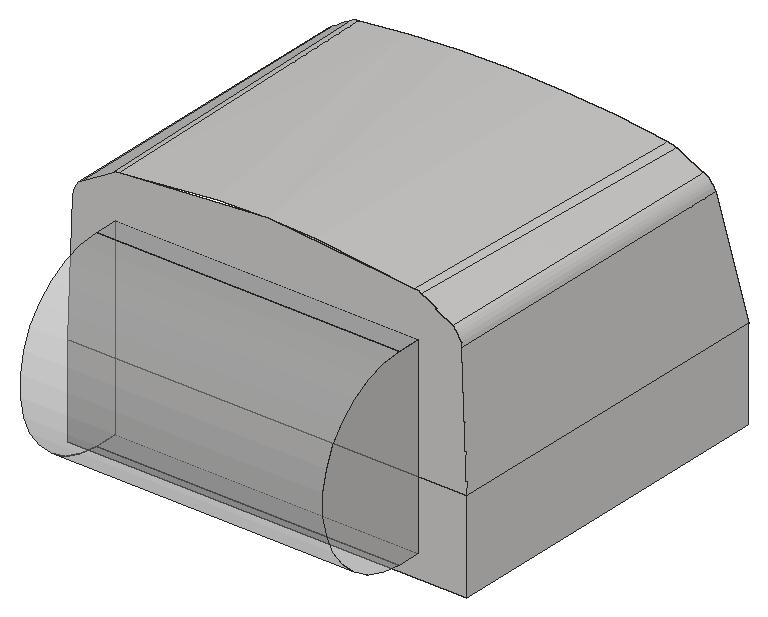
Revit family "NBS_DudleyIndustriesLimited_PprTwlDpnsrs_PlatinumRollerTowelCabinet", category Furniture, host Face, Revit 2018
Family settings
  Host = Face
  Cut with Voids When Loaded = No
  Shared = No
  Room Calculation Point = No
Parameters (values of type "PlatinumRollerTowelCabinet")
  Weight = "7.14 kg"
  WarrantyStartDate [instance] = "1900-12-31T23:59:59"
  WarrantyGuarantorParts = "n/a"
  WarrantyGuarantorLabor = "n/a"
  WarrantyDurationUnit = "year"
  WarrantyDurationParts = "n/a"
  WarrantyDurationLabor = "n/a"
  WarrantyDescription = "n/a"
  Version = "1"  # constant formula
  Uniclass2015Version = "Products v1.18"
  Uniclass2015Title = "Paper towel dispensers"
  Uniclass2015Code = "Pr_40_70_22_62"
  TagNumber [instance] = "n/a"
  SustainabilityPerformance = "n/a"
  Style = "Cabinet"
  Status = "UNSET"
  Size = "275 x 480 x 405 mm"
  Shape = "Rectangular"
  SerialNumber [instance] = "n/a"
  Revision = "n/a"
  ReservoirMaterial = NBS_DudleyIndustriesLimited_ABSPlastic_ClearTinted
  ReplacementCost = "n/a"
  Reference = "n/a"
  ProductInformation = "https://www.dudleyindustries.com/washroom/product/platinum-clearview-roller-towel-cabinet/"
  NominalWidth = 405 mm
  NominalLength = 0 mm
  NominalHeight = 480 mm
  NominalDepth = 275 mm
  Name = "PaperTowelDispensers_PlatinumRollerTowelCabinet_DudleyIndustriesLimited"
  NBSReference = "45-35-72/344"
  NBSDescription = "Paper towel dispensers"
  NBSCertification = "www.nationalbimlibrary.com/cert/tsef3lt1"
  ModelReference = "PlatinumRollerTowelCabinet"
  ModelNumber = "41600CB"
  Materials = "Cabinet: Stainless steel, Reservoir: Plastic"
  Material = "Cabinet: Stainless steel, Reservoir: Plastic"
  ManufacturerURL = "www.dudleyindustries.com"
  ManufacturerName = "Dudley Industries Limited"  # constant formula
  Manufacturer = "sales@dudleyindustries.com"
  MainColor = "n/a"
  IsBuiltIn = yes
  InstallationDate [instance] = "1900-12-31T23:59:59"
  IfcExportType = "UNDEFINED"  # constant formula
  IfcExportAs = "IfcFurnitureType"  # constant formula
  Grade = "n/a"
  FinishAndColour = "Brushed with clear lacquer"
  Finish = "Brushed with clear lacquer"
  Features = "Automatically locks on closure, innovative coating helps prevent fingerprint marks, east to wipe clean"
  ExpectedLife = "n/a"
  DurationUnit = "year"
  Description = "Clearview roller towel cabinet"
  Constituents = "n/a"
  Color = "n/a"
  CodePerformance = "n/a"
  Category = "Pr_40_70_22_62:Paper towel dispensers"
  CabinetMaterial = NBS_DudleyIndustriesLimited_StainlessSteel_Brushed
  Default Elevation = 1300 mm
  BarCode [instance] = "n/a"
  BIMObjectName = "NBS_DudleyIndustriesLimited_TowelRails_PlatinumRollerTowelCabinet"
  Author = "NBS"  # constant formula
  AssetType = "Fixed"
  AssetIdentifier [instance] = "n/a"
  AccessibilityPerformance = "n/a"
Reference planes
  plane 1 "Bottom": y = 0
  plane 2 "Back": z = 0
  plane 3 "Center (Left/Right)": x = 0
  plane 4 "Left": x = -202.5
  plane 5 "Right": x = 202.5
  plane 6 "Top": y = 480
  plane 7 "Front": z = 275
  plane 8: y = 122
Forms (mm)
  Blend 1, solid, material "NBS_DudleyIndustriesLimited_StainlessSteel_Brushed" <- "CabinetMaterial", detail levels medium+fine
    base sketch origin (0, 0, 0) x (1, 0, 0) y (0, 0, 1)
      loop
        arc (158.548, 261.775) -> (0, 275) -> (-158.548, 261.775) r 957
        arc (-158.548, 261.775) -> (-162.814, 260.56) -> (-166.706, 258.435) r 20
        line (-166.706, 258.435) -> (-189.281, 242.627)
        arc (-189.281, 242.627) -> (-195.386, 235.788) -> (-197.798, 226.942) r 20
        line (-197.798, 226.942) -> (-202.5, 92.282) -> (202.5, 92.282) -> (197.798, 226.942)
        arc (197.798, 226.942) -> (195.386, 235.788) -> (189.281, 242.627) r 20
        line (189.281, 242.627) -> (166.706, 258.435)
        arc (166.706, 258.435) -> (162.814, 260.56) -> (158.548, 261.775) r 20
    top sketch origin (0, 0, 0) x (1, 0, 0) y (0, 0, 1)
      loop
        line (202.5, 92.282) -> (197.832, 225.95)
        arc (197.832, 225.95) -> (195.036, 235.473) -> (188.006, 242.479) r 20
        line (188.006, 242.479) -> (157.278, 260.605)
        arc (157.278, 260.605) -> (153.886, 262.198) -> (150.257, 263.131) r 20
        arc (150.257, 263.131) -> (0, 275) -> (-150.257, 263.131) r 957
        arc (-150.257, 263.131) -> (-153.886, 262.198) -> (-157.278, 260.605) r 20
        line (-157.278, 260.605) -> (-188.006, 242.479)
        arc (-188.006, 242.479) -> (-195.036, 235.473) -> (-197.832, 225.95) r 20
        line (-197.832, 225.95) -> (-202.5, 92.282) -> (202.5, 92.282)
    from -480 to -122
  Extrusion 2, solid, material "NBS_DudleyIndustriesLimited_StainlessSteel_Brushed" <- "CabinetMaterial", detail levels medium+fine
    sketch origin (0, 0, 0) x (1, 0, 0) y (0, 1, 0)
      loop
        line (-202.5, 480) -> (-202.5, 122) -> (202.5, 122) -> (202.5, 480) -> (-202.5, 480)
    from 0 to 92.282
  Extrusion 3, void
    sketch origin (0, 0, 0) x (0, 1, 0) y (0, 0, 1)
      loop
        line (480, 92.282) -> (480, 275) -> (431.041, 275) -> (480, 92.282)
    from -202.5 to 202.5
  Extrusion 4, solid, material "NBS_DudleyIndustriesLimited_ABSPlastic_ClearTinted" <- "ReservoirMaterial"
    sketch origin (0, 0, 0) x (0, 1, 0) y (0, 0, 1)
      loop
        arc (97.5, 218) -> (0, 120.5) -> (97.5, 23) r 97.5
        line (97.5, 23) -> (122, 23) -> (122, 218) -> (97.5, 218)
    from -154 to 154
  Extrusion 5, solid, material "NBS_DudleyIndustriesLimited_StainlessSteel_Brushed" <- "CabinetMaterial", detail levels coarse
    sketch origin (0, 0, 0) x (1, 0, 0) y (0, 1, 0)
      loop
        line (-202.5, 480) -> (-202.5, 122) -> (202.5, 122) -> (202.5, 480) -> (-202.5, 480)
    from 0 to 275
Cuts and joins
  Extrusion 3 cuts Blend 1
Dimensions and locks
  locked: plane 1 "Bottom" to plane 6 "Top" at 480
  equal spacing: plane 4 "Left", plane 3 "Center (Left/Right)", plane 5 "Right"
  locked: plane 4 "Left" to plane 5 "Right" at 405
  locked: plane 7 "Front" to level at 275
  locked: plane 8 to plane 1 "Bottom" at 122
  aligned and locked: plane 2 "Back" to host face
  aligned and locked: level to host face
  aligned and locked: plane 6 "Top" to Blend 1
  aligned and locked: plane 8 to Blend 1
  aligned and locked: Extrusion 2 sketch curve to plane 4 "Left"
  aligned and locked: plane 5 "Right" to Extrusion 2 sketch curve
  aligned and locked: Extrusion 2 sketch curve to plane 6 "Top"
  aligned and locked: Extrusion 2 sketch curve to plane 8
  aligned and locked: plane 6 "Top" to Extrusion 3 sketch curve
  aligned and locked: plane 7 "Front" to Extrusion 3 sketch curve
  aligned and locked: Extrusion 3 to plane 4 "Left"
  aligned and locked: Extrusion 3 to plane 5 "Right"
  aligned and locked: plane 8 to Extrusion 4 sketch curve
  aligned and locked: Extrusion 5 sketch curve to plane 4 "Left"
  aligned and locked: plane 5 "Right" to Extrusion 5 sketch curve
  aligned and locked: Extrusion 5 sketch curve to plane 6 "Top"
  aligned and locked: Extrusion 5 sketch curve to plane 8
  aligned and locked: plane 7 "Front" to Extrusion 5
Automatic sketch dimensions
  host sketch curve to host sketch curve = 2438.4 mm  (x2)
  Blend 1 sketch curve to plane 4 "Left" = 0 mm  (x2)
  plane 3 "Center (Left/Right)" to Blend 1 sketch curve = 0 mm  (x2)
  plane 5 "Right" to Blend 1 sketch curve = 0 mm  (x2)
  plane 4 "Left" to Blend 1 sketch curve = 4.668 mm
  plane 4 "Left" to Blend 1 sketch curve = 14.494 mm
  Blend 1 sketch curve to Blend 1 sketch curve = 19.988 mm
  Blend 1 sketch curve to plane 7 "Front" = 14.395 mm  (x2)
  Blend 1 sketch curve to Blend 1 sketch curve = 30.728 mm
  Blend 1 sketch curve to Blend 1 sketch curve = 10.162 mm  (x2)
  plane 5 "Right" to Blend 1 sketch curve = 55.383 mm
  plane 5 "Right" to Blend 1 sketch curve = 14.494 mm
  plane 5 "Right" to Blend 1 sketch curve = 4.668 mm
  Blend 1 sketch curve to Blend 1 sketch curve = 17.226 mm  (x2)
  Blend 1 sketch curve to plane 7 "Front" = 32.521 mm  (x2)
  Blend 1 sketch curve to Blend 1 sketch curve = 16.528 mm  (x2)
  Blend 1 sketch curve to Blend 1 sketch curve = 0.698 mm
  level to Blend 1 sketch curve = 92.282 mm  (x2)
  Blend 1 sketch curve to level = 682 mm  (x2)
  Blend 1 sketch curve to Blend 1 sketch curve = 0 mm  (x2)
  plane 4 "Left" to Blend 1 sketch curve = 4.702 mm
  plane 4 "Left" to Blend 1 sketch curve = 13.219 mm
  Blend 1 sketch curve to Blend 1 sketch curve = 11.472 mm  (x3)
  Blend 1 sketch curve to plane 7 "Front" = 16.565 mm  (x2)
  Blend 1 sketch curve to Blend 1 sketch curve = 22.575 mm
  plane 5 "Right" to Blend 1 sketch curve = 47.265 mm
  plane 5 "Right" to Blend 1 sketch curve = 24.69 mm
  Blend 1 sketch curve to Blend 1 sketch curve = 15.807 mm  (x2)
  Blend 1 sketch curve to Blend 1 sketch curve = 16.383 mm  (x3)
  Blend 1 sketch curve to Blend 1 sketch curve = 15.685 mm
  plane 5 "Right" to Blend 1 sketch curve = 13.219 mm
  plane 5 "Right" to Blend 1 sketch curve = 4.702 mm
  level to Extrusion 3 sketch curve = 92.282 mm
  Extrusion 3 sketch curve to plane 6 "Top" = 48.959 mm
  Extrusion 4 sketch curve to Extrusion 4 sketch curve = 24.5 mm
  plane 8 to Extrusion 4 sketch curve = 24.5 mm
  level to Extrusion 4 sketch curve = 23 mm
  Extrusion 4 sketch curve to plane 7 "Front" = 57 mm
